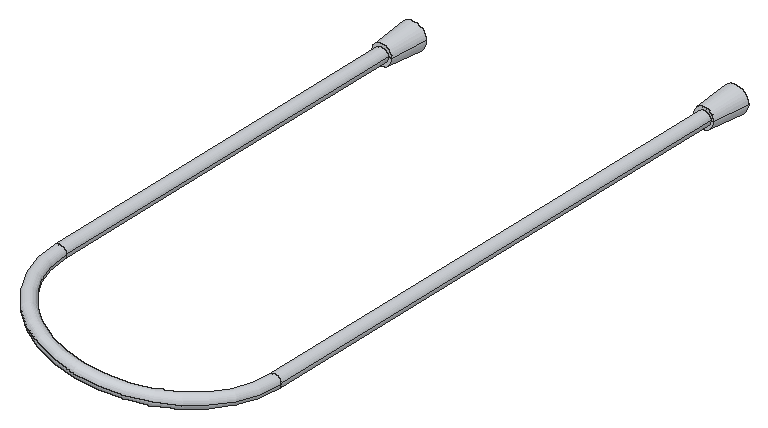
Revit family "Shower-Shower_Hose-KOHLER-Awaken-K-98359", category Plumbing Fixtures, host Face, Revit 2017
Family settings
  Host = Face
  Round Connector Dimension = Use Diameter
  Part Type = Normal
  OmniClass Number = 23.31.17.00
  OmniClass Title = Showers
  Cut with Voids When Loaded = No
  Shared = No
  Room Calculation Point = No
Parameters (values of type "CP-Polished Chrome")
  Width = 1/2"  # constant formula
  WaterSense Certified = 1 = 0  # no
  Waste Water Outlet = "Waste Water Outlet"  # constant formula
  Waste Connection = 1 = 0  # no
  Vent Connection = 1 = 0  # no
  URL = "https://www.us.kohler.com/us/"
  Type = 1
  Tempered Water Supply2 = "Tempered Water Supply2"  # constant formula
  Tempered Water Supply1 = "Tempered Water Supply1"  # constant formula
  Product Page URL = "https://www.us.kohler.com/us/catalog/productDetails.jsp?productNumber=98359"
  Product Name = "Awaken"  # constant formula
  Product Documentation Link = "https://www.us.kohler.com/webassets/kpna/catalog/pdf/en/K-98359_spec.pdf"
  Model = if(Type = 1, "K-98359-CP", if(Type = 2, "K-98359-SN", if(Type = 3, "K-98359-BN", if(Type = 4, "K-98359-BL", if(Type = 5, "K-98359-2BZ", "NA")))))  # "K-98359-CP"
  Material = "Premium Metal"  # constant formula
  MasterFormat 2004 = "22.41.23"  # constant formula
  MasterFormat 1995 = "15410"  # constant formula
  Manufacturer Address = "444 Highland Dr, Kohler, WI 53044"  # constant formula
  Manufacturer = "KOHLER Co."  # constant formula
  Length = 60"  # constant formula
  Hot Water Inlet = "Hot Water Inlet"  # constant formula
  Height = Length  # 60"
  HW Connection = 1 = 1  # yes
  Finish = Kohler-Metal-CP-Polished_Chrome
  Environmental Product Declaration = ""
  Drain Included = 1 = 0  # no
  Distance Between Connectors [instance] = 8"
  Description = "60inch smooth shower hose"  # constant formula
  Default Elevation = 15"
  Declare Label = ""
  Date Modified = "03/03/2019"  # constant formula
  Date Created = "03/03/2019"  # constant formula
  Copyright = "Copyright KOHLER Co."  # constant formula
  Contact Us = "https://www.us.kohler.com/us/static/contact.jsp"
  Connector1 Distance From Wall [instance] = 4"
  Connector2 Distance From Wall [instance] = 5 1/2"
  Connector 2 Length [instance] = 15"
  Connector 1 Length [instance] = 20"
  Cold Water Inlet = "Cold Water Inlet"  # constant formula
  CW Connection = 1 = 0  # no
  Assembly Code = "D2010700"
  ADA Compliant = 1 = 1  # yes
Types (6): name | Type | Model | Finish
  (no name) | 1 | "K-98359-CP" | Kohler-Metal-CP-Polished_Chrome
  CP-Polished Chrome | 1 | "K-98359-CP" | Kohler-Metal-CP-Polished_Chrome
  SN-Vibrant Polished Nickel | 2 | "K-98359-SN" | Kohler-Metal-SN-Vibrant_Polished_Nickel
  BN-Vibrant Brushed Nickel | 3 | "K-98359-BN" | Kohler-Metal-BN-Vibrant_Brushed_Nickel
  BL-Matte Black | 4 | "K-98359-BL" | Kohler-Metal-BL-Matte_Black
  2BZ-Oil-Rubbed Bronze | 5 | "K-98359-2BZ" | Kohler-Metal-2BZ-Oil_Rubbed_Bronze
Reference planes (in)
  plane 1 "Center (Front/Back)": y = 0
  plane 2: z = 0
  plane 3 "Center (Left/Right)": x = 0
  plane 4: x = -8
  plane 5: y = 15
  plane 6: y = 20
  plane 7: y = 21.4375
  plane 8: y = 16.4375
  plane 9: z = 5.5
  plane 10: z = 4
  plane 11: x = -4
Dimensions and locks (in)
  "Connector 2 Length": plane 1 "Center (Front/Back)" to plane 5
  "Connector 1 Length": plane 1 "Center (Front/Back)" to plane 6
  "Distance Between Connectors": plane 4 to plane 3 "Center (Left/Right)"
  locked: plane 6 to plane 7 at 1.4375
  locked: plane 5 to plane 8 at 1.4375
  "Connector2 Distance From Wall": plane 9 to level
  "Connector1 Distance From Wall": plane 10 to level
  equal spacing: plane 4, plane 11, plane 3 "Center (Left/Right)"
  aligned and locked: plane 2 to host face
  aligned and locked: level to host face
Automatic sketch dimensions
  host sketch curve to host sketch curve = 96"  (x2)
Nested families (in)
  nested 1: "K-98359" at (0, 0, 0), Connector Length1 <- "Connector 1 Length", Connector Length2 <- "Connector 2 Length", Dist Between Connector <- "Distance Between Connectors", Dist Form Wall1 <- "Connector2 Distance From Wall", Dist Form Wall2 <- "Connector1 Distance From Wall", type "K-98359"
    with Dist Form Wall2 4", Dist Form Wall1 5 1/2", Dist Between Connector 8", Connector Length2 15", Connector Length1 20"
Connectors (in)
  piping at (0, 21.4375, 4), diameter 0.5, driven by "HW Connection", driven by "Tempered Water Supply1"
    settings: on nested 1, index 1, connector inside diameter 24", connector length 0", flow factor 0, pipe flow 0 GPM, pressure drop 0.00 psi, fitting loss kfactor 0, connector angle 0.00°, fixture units 0, engagement length 0", angle of deflection 0.00°, flow configuration 0, flow direction 0, fitting loss method 0, system type 19, joint type 0, gender type 0, connector reference index -1, connector utility 1, adjustable connector no, is connector primary yes, connector description "Tempered Water Supply1"
  piping at (-8, 16.4375, 5.5), diameter 0.5, driven by "HW Connection", driven by "Tempered Water Supply2"
    settings: on nested 1, index 2, connector inside diameter 24", connector length 0", flow factor 0, pipe flow 0 GPM, pressure drop 0.00 psi, fitting loss kfactor 0, connector angle 0.00°, fixture units 0, engagement length 0", angle of deflection 0.00°, flow configuration 0, flow direction 0, fitting loss method 0, system type 19, joint type 0, gender type 0, connector reference index -1, connector utility 1, adjustable connector no, is connector primary no, connector description "Tempered Water Supply2"
Definition of nested family "K-98359"
  Parameters (values of type "K-98359")
    Material = none
    Hose = yes
    Dist Form Wall2 [instance] = 5 1/2"
    Dist Form Wall1 [instance] = 4"
    Dist Between Connector [instance] = 6"
    Connector Length2 [instance] = 12"
    Connector Length1 [instance] = 15"
  Reference planes (in)
    plane 1 "Center (Front/Back)": y = 0
    plane 2: z = 0
    plane 3 "Center (Left/Right)": x = 0
    plane 4: y = 12
    plane 5: y = 15
    plane 6: x = -6
    plane 7 "D1": z = 4
    plane 8 "D2": z = 5.5
  Forms (in)
    Revolve 1, solid, material <- "Material"
      sketch origin (0, 0, 4) x (-1, 0, 0) y (0, -1, 0)
        loop
          line (5.625, -12) -> (5.5, -13.4375) -> (6, -13.4375) -> (6, -12) -> (5.625, -12)
        axis (6, -13.4375) -> (6, -12)
      angle from 0 to 360
    Revolve 2, solid, material <- "Material"
      sketch origin (0, 0, 5.5) x (-1, 0, 0) y (0, -1, 0)
        loop
          line (-0.375, -15) -> (-0.5, -16.4375) -> (0, -16.4375) -> (0, -15) -> (-0.375, -15)
        axis (0, -16.4375) -> (0, -15)
      angle from 0 to 360
    Sweep 3, solid, material <- "Material"
      path origin (0, 0, 4) x (-1, 0, 0) y (0, -1, 0)
        loop
          line (6, -12) -> (6, 0)
      profile origin (-6, 6, 4) x (1, 0, 0) y (0, 0, 1)
        loop
          circle (0, 0) r 0.25
    Sweep 4, solid, material <- "Material"
      path origin (0, 0, 5.5) x (-1, 0, 0) y (0, -1, 0)
        loop
          line (0, -15) -> (0, 0)
      profile origin (0, 7.5, 5.5) x (1, 0, 0) y (0, 0, 1)
        loop
          circle (0, 0) r 0.25
    Sweep 5, solid, material <- "Material"
      path origin (0, 0, 5.5) x (-0.970143, 0, -0.242536) y (0, -1, 0)
        loop
          arc (6.18466, 0) -> (3.09233, 3.09233) -> (0, 0) r 3.09233
      profile origin (0, 0, 5.5) x (-0.970143, 0, -0.242536) y (-0.242536, 0, 0.970143)
        loop
          circle (0, 0) r 0.25
  Cuts and joins
    joined: Revolve 1, Revolve 2, Sweep 3, Sweep 4, Sweep 5
  Lines and regions (in)
    reference lines
      curve 1: line (0, 0, 5.5) -> (-6, 0, 4)
  Dimensions and locks (in)
    "Connector Length2": plane 1 "Center (Front/Back)" to plane 4
    "Connector Length1": plane 5 to plane 1 "Center (Front/Back)"
    "Dist Between Connector": plane 6 to plane 3 "Center (Left/Right)"
    locked: plane 6 to Revolve 1 sketch curve at 0.375
    locked: plane 3 "Center (Left/Right)" to Revolve 2 sketch curve at 0.5
    locked: plane 3 "Center (Left/Right)" to Revolve 2 sketch curve at 0.375
    "Dist Form Wall1": plane 7 "D1" to level
    "Dist Form Wall2": plane 8 "D2" to level
    locked: Revolve 2 sketch curve to Revolve 2 sketch curve at 1.4375
    locked: Revolve 1 sketch curve to Revolve 1 sketch curve at 1.4375
    locked: plane 6 to Revolve 1 sketch curve at 0.5
    aligned and locked: plane 2 to level
    aligned and locked: Revolve 1 sketch curve to plane 6
    aligned and locked: plane 6 to Revolve 1 sketch curve
    aligned and locked: Revolve 1 sketch curve to plane 4
    aligned and locked: plane 3 "Center (Left/Right)" to Revolve 2 sketch curve
    aligned and locked: Revolve 2 sketch curve to plane 3 "Center (Left/Right)"
    aligned and locked: plane 5 to Revolve 2 sketch curve
    aligned and locked: plane 6 to Sweep 3 sketch curve
    aligned and locked: plane 4 to Sweep 3 sketch curve
    aligned and locked: plane 1 "Center (Front/Back)" to Sweep 3 sketch curve
    aligned and locked: Sweep 4 sketch curve to plane 3 "Center (Left/Right)"
    aligned and locked: plane 5 to Sweep 4 sketch curve
    aligned and locked: plane 1 "Center (Front/Back)" to Sweep 4 sketch curve
    aligned and locked: plane 8 "D2" to curve 1
    aligned and locked: plane 3 "Center (Left/Right)" to curve 1
    aligned and locked: plane 6 to curve 1
    aligned and locked: plane 7 "D1" to curve 1
    aligned and locked: Sweep 5 sketch curve to Sweep 4
  Automatic sketch dimensions
    Sweep 3 sketch curve to plane 7 "D1" = 0"
    profile plane to Sweep 3 sketch curve = 0"
    Sweep 4 sketch curve to plane 8 "D2" = 0"
    profile plane to Sweep 4 sketch curve = 0"
    Sweep 5 sketch curve to curve 1 = 0"  (x3)
    Revolve 1 sketch curve to Revolve 1 sketch curve = 0.45153"
    plane 4 to Revolve 1 sketch curve = 0.13902"
    plane 5 to Revolve 2 sketch curve = 0.45153"
    Revolve 2 sketch curve to plane 5 = 0.13902"
    radius of Sweep 3 sketch curve = 1/4"
    radius of Sweep 4 sketch curve = 1/4"
